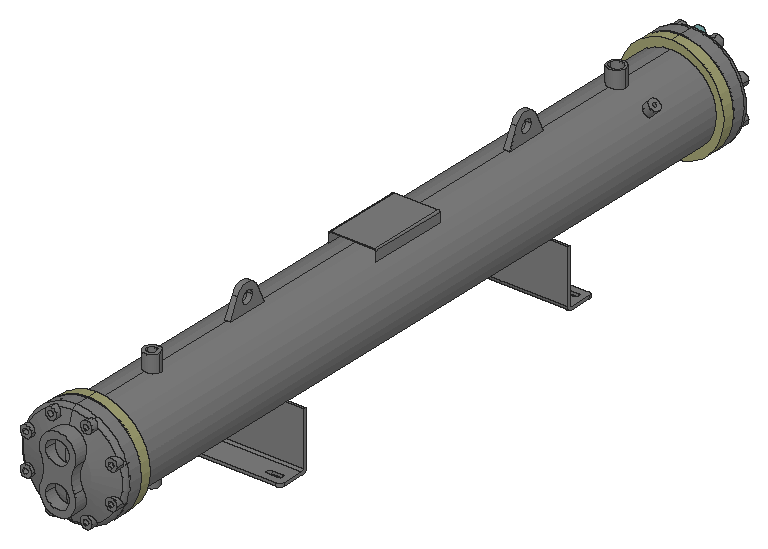
Revit family "MIT-BCM_90_4P", category Specialty Equipment, Revit 2022
Family settings
  Round Connector Dimension = Use Radius
  Part Type = Normal
  Work Plane-Based = No
  Always vertical = Yes
  Cut with Voids When Loaded = No
  Maintain Annotation Orientation = No
  Shared = No
  Room Calculation Point = No
Parameters
  URL = "https://en.ekinendustriyel.com/evaporators-and-condensers"
  Test Pressure = 64.35 bar
  Production Standard = "TS EN 13831"
  Operating Pressure = 45.0 bar
  Model = "MIT-BCM 90_4P"
  Manufacturer = "Ekin Endüstriyel"
  Keynote = "Condensers"
  Description = "MIT- Condensers"
  Default Elevation = 0 mm
Reference planes
  plane 1 "Center (Front/Back)": y = 0
  plane 2: z = 0
  plane 3 "Center (Left/Right)": x = 0
Forms (mm)
  Extrusion 1, solid, material "Ekin Endustriyel-S235JR", detail levels medium+fine
    sketch origin (0, 0, 0) x (1, 0, 0) y (0, 0, 1)
      loop
        circle (0, 164.15) r 84.15
    from -699.212 to 660.876
  Extrusion 2, solid, material "Ekin Endustriyel-S235JR", detail levels fine
    sketch origin (0, 0, 0) x (1, 0, 0) y (0, 0, 1)
      loop
        line (-45, 235.88) -> (-44, 235.88) -> (-44, 252.88)
        arc (-44, 252.88) -> (-43.414, 254.294) -> (-42, 254.88) r 2
        line (-42, 254.88) -> (42, 254.88)
        arc (42, 254.88) -> (43.414, 254.294) -> (44, 252.88) r 2
        line (44, 252.88) -> (44, 235.88) -> (45, 235.88) -> (45, 252.88)
        arc (45, 252.88) -> (44.121, 255.002) -> (42, 255.88) r 3
        line (42, 255.88) -> (-42, 255.88)
        arc (-42, 255.88) -> (-44.121, 255.002) -> (-45, 252.88) r 3
        line (-45, 252.88) -> (-45, 235.88)
    from -94.202 to 55.798
  Extrusion 3, solid, material "Ekin Endustriyel-S235JR", detail levels fine
    sketch origin (0, 349.537, 0) x (0, 1, 0) y (0, 0, 1)
      loop
        line (-40.334, 248.151) -> (39.666, 248.151) -> (22.137, 284.106)
        arc (22.137, 284.106) -> (-0.334, 298.151) -> (-22.806, 284.106) r 25
        line (-22.806, 284.106) -> (-40.334, 248.151)
      loop
        circle (-0.334, 273.151) r 12.5
    from -5 to 5
  Extrusion 4, solid, material "Ekin Endustriyel-S235JR", detail levels fine
    sketch origin (0, 319.537, 0) x (1, 0, 0) y (0, 1, 0)
      loop
        circle (0, 249.666) r 16.75
      loop
        circle (0, 249.666) r 13
    from 278.3 to 204.31
  Extrusion 5, solid, material "Ekin Endustriyel-S235JR", detail levels fine
    sketch origin (0, -280.463, 0) x (1, 0, 0) y (0, 1, 0)
      loop
        circle (0, -250.334) r 15.25
      loop
        circle (0, -250.334) r 8.928
    from 278.3 to 211.07
  Extrusion 6, solid, material "Ekin Endustriyel-S235JR", detail levels fine
    sketch origin (71.72, 569.202, 235.87) x (0, 1, 0) y (-0.707107, 0, 0.707107)
      loop
        circle (0, 0) r 11
      loop
        circle (0, 0) r 4.216
    from 0 to -32.02
  Extrusion 7, solid, material "Ekin Endustriyel-S235JR", detail levels fine
    sketch origin (0, -280.463, 0) x (1, 0, 0) y (0, 1, 0)
      loop
        circle (0, -250.334) r 13.75
      loop
        circle (0, -250.334) r 10.25
    from 51.131 to 169.15
  Extrusion 8, solid, material "Ekin Endustriyel-AISI316L", detail levels medium+fine
    sketch origin (0, -330.542, 0) x (1, 0, 0) y (0, 0, 1)
      loop
        circle (0, 164.15) r 100
    from 330.334 to 350.334
  Extrusion 9, solid, material "Ekin Endustriyel-AISI316L", detail levels medium+fine
    sketch origin (0, 999.547, 0) x (1, 0, 0) y (0, 0, 1)
      loop
        circle (0, 164.15) r 100
    from 280.334 to 300.334
  Revolve 10, solid, material "Ekin Endustriyel-S235JR", detail levels medium+fine
    sketch origin (0, -330.542, 0) x (0, 1, 0) y (0, 0, 1)
      loop
        line (-352.334, 264.15) -> (-377.299, 264.15)
        arc (-377.299, 264.15) -> (-382.802, 262.5) -> (-386.489, 258.094) r 10
        arc (-386.489, 258.094) -> (-401.262, 212.101) -> (-407.122, 164.15) r 255.705
        line (-407.122, 164.15) -> (-352.334, 164.15) -> (-352.334, 264.15)
      axis (-352.334, 164.15) -> (-407.122, 164.15)
    angle from 0 to 360
  Revolve 11, solid, material "Ekin Endustriyel-S235JR", detail levels medium+fine
    sketch origin (0, 368.878, 0) x (0, -1, 0) y (0, 0, -1)
      loop
        line (-352.334, -264.15) -> (-352.334, -164.15) -> (-407.122, -164.15)
        arc (-407.122, -164.15) -> (-401.262, -212.101) -> (-386.489, -258.094) r 255.705
        arc (-386.489, -258.094) -> (-382.802, -262.5) -> (-377.299, -264.15) r 10
        line (-377.299, -264.15) -> (-352.334, -264.15)
      axis (-352.334, -164.15) -> (-407.122, -164.15)
    angle from 0 to 360
  Extrusion 12, solid, material "Ekin Endustriyel-S235JR", detail levels coarse
    sketch origin (0, 0, 0) x (1, 0, 0) y (0, 0, 1)
      loop
        circle (0, 164.159) r 99.991
    from -776.212 to 752.829
  Extrusion 13, solid, material "Ekin Endustriyel-S235JR"
    sketch origin (0, 194.537, 0) x (0, 1, 0) y (0, 0, 1)
      loop
        arc (134.666, 9) -> (137.302, 2.636) -> (143.666, 0) r 9
        line (143.666, 0) -> (194.666, 0) -> (194.666, 5) -> (143.666, 5)
        arc (143.666, 5) -> (140.837, 6.172) -> (139.666, 9) r 4
        line (139.666, 9) -> (139.666, 110) -> (134.666, 110) -> (134.666, 9)
    from -100 to 100
  Extrusion 14, void
    sketch origin (0, 389.202, 5) x (0, -1, 0) y (1, 0, 0)
      loop
        line (25.25, 63.5) -> (25.25, 83.5)
        arc (25.25, 83.5) -> (20, 88.75) -> (14.75, 83.5) r 5.25
        line (14.75, 83.5) -> (14.75, 63.5)
        arc (14.75, 63.5) -> (20, 58.25) -> (25.25, 63.5) r 5.25
      loop
        line (10, 100) -> (-10, 100) -> (-10, -100) -> (10, -100)
        arc (10, -100) -> (2.929, -97.071) -> (0, -90) r 10
        line (0, -90) -> (0, 90)
        arc (0, 90) -> (2.929, 97.071) -> (10, 100) r 10
      loop
        arc (14.75, -83.5) -> (20, -88.75) -> (25.25, -83.5) r 5.25
        line (25.25, -83.5) -> (25.25, -63.5)
        arc (25.25, -63.5) -> (20, -58.25) -> (14.75, -63.5) r 5.25
        line (14.75, -63.5) -> (14.75, -83.5)
    from -5 to 0
  Extrusion 15, solid, material "Ekin Endustriyel-S235JR"
    sketch origin (0, -156.132, 0) x (0, -1, 0) y (0, 0, -1)
      loop
        line (134.666, -9) -> (134.666, -110) -> (139.666, -110) -> (139.666, -9)
        arc (139.666, -9) -> (140.837, -6.172) -> (143.666, -5) r 4
        line (143.666, -5) -> (194.666, -5) -> (194.666, 0) -> (143.666, 0)
        arc (143.666, 0) -> (137.302, -2.636) -> (134.666, -9) r 9
    from -100 to 100
  Extrusion 16, void
    sketch origin (0, -350.798, 5) x (0, 1, 0) y (-1, 0, 0)
      loop
        arc (25.25, -63.5) -> (20, -58.25) -> (14.75, -63.5) r 5.25
        line (14.75, -63.5) -> (14.75, -83.5)
        arc (14.75, -83.5) -> (20, -88.75) -> (25.25, -83.5) r 5.25
        line (25.25, -83.5) -> (25.25, -63.5)
      loop
        arc (10, -100) -> (2.929, -97.071) -> (0, -90) r 10
        line (0, -90) -> (0, 90)
        arc (0, 90) -> (2.929, 97.071) -> (10, 100) r 10
        line (10, 100) -> (-10, 100) -> (-10, -100) -> (10, -100)
      loop
        line (14.75, 83.5) -> (14.75, 63.5)
        arc (14.75, 63.5) -> (20, 58.25) -> (25.25, 63.5) r 5.25
        line (25.25, 63.5) -> (25.25, 83.5)
        arc (25.25, 83.5) -> (20, 88.75) -> (14.75, 83.5) r 5.25
    from -5 to 0
  Extrusion 17, solid, material "Ekin Endustriyel-S235JR", detail levels medium+fine
    sketch origin (0, -330.542, 0) x (1, 0, 0) y (0, 0, 1)
      loop
        circle (0, 201.65) r 22.625
      loop
        circle (0, 126.65) r 22.625
      loop
        arc (31.718, 187.763) -> (-0.804, 236.266) -> (-31.04, 186.306) r 34.625
        arc (-31.04, 186.306) -> (-26.305, 164.15) -> (-31.04, 141.994) r 54.207
        arc (-31.04, 141.994) -> (-0.804, 92.034) -> (31.718, 140.537) r 34.625
        arc (31.718, 140.537) -> (26.305, 164.15) -> (31.718, 187.763) r 54.207
    from 390.526 to 422.288
  Extrusion 18, solid, material "Ekin Endustriyel-Zinc", detail levels medium+fine
    sketch origin (0, 369.547, 0) x (1, 0, 0) y (0, 0, 1)
      loop
        circle (0, 246.649) r 12.497
      loop
        circle (0, 246.649) r 5.497
    from -396.666 to -367.889
  Extrusion 19, solid, material "Ekin Endustriyel-S235JR", detail levels medium+fine
    sketch origin (0, -330.542, 0) x (1, 0, 0) y (0, 0, -1)
      loop
        circle (-80.837, -197.64) r 11
      loop
        circle (-80.837, -197.64) r 5.497
      loop
        circle (-80.837, -130.66) r 11
      loop
        circle (-80.837, -130.66) r 5.497
      loop
        circle (80.837, -197.64) r 11
      loop
        circle (80.837, -197.64) r 5.497
      loop
        circle (80.837, -130.66) r 11
      loop
        circle (80.837, -130.66) r 5.497
      loop
        circle (33.49, -244.987) r 11
      loop
        circle (33.49, -244.987) r 5.497
      loop
        circle (-33.49, -244.987) r 11
      loop
        circle (-33.49, -244.987) r 5.497
      loop
        circle (33.49, -83.313) r 11
      loop
        circle (33.49, -83.313) r 5.497
      loop
        circle (-33.49, -83.313) r 11
      loop
        circle (-33.49, -83.313) r 5.497
    from -396.666 to -367.889
  Extrusion 20, solid, material "Ekin Endustriyel-S235JR", detail levels medium+fine
    sketch origin (0, 369.547, 0) x (1, 0, 0) y (0, 0, 1)
      loop
        circle (-35.355, 199.505) r 22
      loop
        circle (35.355, 128.795) r 22
    from -406.666 to -351.666
  Extrusion 21, solid, material "Ekin Endustriyel-S235JR", detail levels fine
    sketch origin (0, -311.132, 0) x (0, -1, 0) y (0, 0, -1)
      loop
        line (-40.334, -248.151) -> (-22.806, -284.106)
        arc (-22.806, -284.106) -> (-0.334, -298.151) -> (22.137, -284.106) r 25
        line (22.137, -284.106) -> (39.666, -248.151) -> (-40.334, -248.151)
      loop
        circle (-0.334, -273.151) r 12.5
    from -5 to 5
  Extrusion 22, solid, material "Ekin Endustriyel-S235JR", detail levels medium+fine
    sketch origin (0, 369.547, 0) x (1, 0, 0) y (0, 0, 1)
      loop
        circle (-80.837, 197.64) r 11
      loop
        circle (-80.837, 197.64) r 5.497
      loop
        circle (-80.837, 130.66) r 11
      loop
        circle (-80.837, 130.66) r 5.497
      loop
        circle (80.837, 197.64) r 11
      loop
        circle (80.837, 197.64) r 5.497
      loop
        circle (80.837, 130.66) r 11
      loop
        circle (80.837, 130.66) r 5.497
      loop
        circle (33.49, 244.987) r 11
      loop
        circle (33.49, 244.987) r 5.497
      loop
        circle (-33.49, 244.987) r 11
      loop
        circle (-33.49, 244.987) r 5.497
      loop
        circle (33.49, 83.313) r 11
      loop
        circle (33.49, 83.313) r 5.497
      loop
        circle (-33.49, 83.313) r 11
      loop
        circle (-33.49, 83.313) r 5.497
      loop
        circle (0, 81.651) r 12.497
      loop
        circle (0, 81.651) r 5.497
    from -396.666 to -367.889
Cuts and joins
  Extrusion 14, Extrusion 16 cuts Extrusion 13
  Extrusion 16 cuts Extrusion 15
Dimensions and locks
  aligned and locked: level to plane 2
Connectors
  piping at (0, -752.829, 201.65), diameter 38.2
    settings: on Extrusion 17, index 1, connector inside diameter 609.6 mm, connector length 0 mm, flow factor 0, pipe flow 0.0 L/s, pressure drop 0.0 Pa, fitting loss kfactor 0, connector angle 0.00°, fixture units 0, engagement length 0 mm, angle of deflection 0.00°, flow configuration 0, flow direction 1, fitting loss method 0, system type 7, joint type 0, gender type 0, connector reference index -1, connector utility 0, adjustable connector no, is connector primary yes, connector description ""
  piping at (0, -752.829, 126.65), diameter 38.2
    settings: on Extrusion 17, index 2, connector inside diameter 609.6 mm, connector length 0 mm, flow factor 0, pipe flow 0.0 L/s, pressure drop 0.0 Pa, fitting loss kfactor 0, connector angle 0.00°, fixture units 0, engagement length 0 mm, angle of deflection 0.00°, flow configuration 0, flow direction 2, fitting loss method 0, system type 7, joint type 0, gender type 0, connector reference index -1, connector utility 0, adjustable connector no, is connector primary no, connector description ""
  hvac at (0, 569.202, 278.3)
    settings: on Extrusion 4, index 3, duct flow 0.0 L/s, flow factor 0, pres drop 0.0 bar, loss coef 0, conn angle 0.00°, conn width 304.8 mm, conn height 304.8 mm, conn diameter 28 mm, duct sys type 3, conn prof type 0, flow config 0, flow direction 0, loss method 0, conn ref index -1, conn util no, is conn primary yes, conn desc ""
  hvac at (0, -530.798, 51.131)
    settings: on Extrusion 7, index 4, duct flow 0.0 L/s, flow factor 0, pres drop 0.0 bar, loss coef 0, conn angle 0.00°, conn width 304.8 mm, conn height 304.8 mm, conn diameter 22 mm, duct sys type 3, conn prof type 0, flow config 0, flow direction 0, loss method 0, conn ref index -1, conn util no, is conn primary no, conn desc ""
